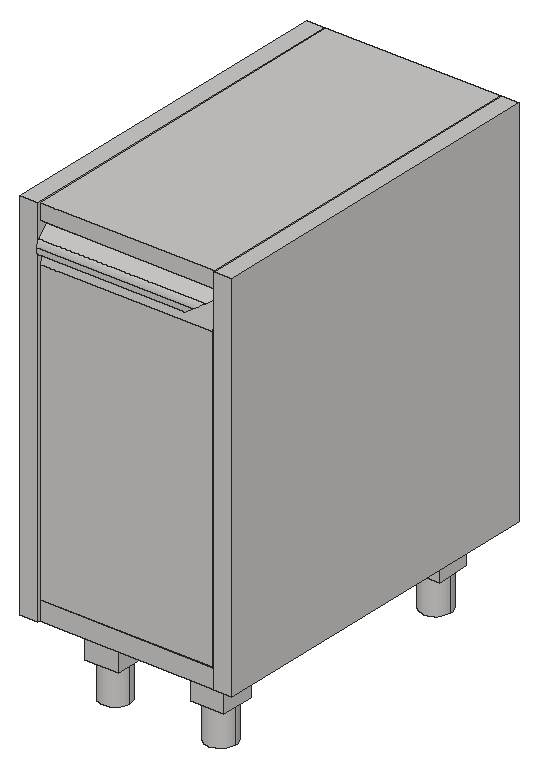
Revit family "QF_ELECTROLUXPROFESSIONAL_121818_TERP4DA", category Attrezzature speciali, Revit 2020
Family settings
  Quota connettore circolare = Usa diametro
  Tipo di parte = Normale
  Basato su piano di lavoro = No
  Sempre verticale = Sì
  Taglio con vuoti quando caricato = No
  Condiviso = No
  Punto di calcolo locali = No
Parameters (values of type "Standard")
  Weight = 9.00 kg
  Watts = 0 W
  Volts = 0 V
  URL Manufacturer = "https://www.electroluxprofessional.com/"
  URL = "https://www.electroluxprofessional.com/"
  Steam Supply Size = 0 mm
  Steam Supply Minimum Pressure = 0.0 Pa
  Steam Supply Maximum Pressure = 0.0 Pa
  Steam Consumption per Hour = 0
  Refrigeration Suction Line Size = 0.0 mm
  Refrigeration Liquid Line Size = 0.0 mm
  Refrigerant Compressor Remote = yes
  Prospetto di default = 0.0 mm
  Phase = 0
  Modello = "TERP4DA"
  Produttore = "Electrolux Professional"
  Length Actual = 400.0 mm  # constant formula
  Item Number = "121818"
  Hot Water Size = 0 mm
  Height Actual = 860.0 mm  # constant formula
  HP = "0 HP"
  Gas Size = 0 mm
  Gas KW = 0
  Gas Input Pressure = 0 W
  Direct Waste Size = 0 mm
  Descrizione = "AMBIENT UNIT PASS-THRU 1+1 DOOR 400MM"
  Depth Actual = 680.0 mm  # constant formula
  Cycle = 0 Hz
  Condensate Return Size = 0 mm
  Compressed Air Volume = 0.0 L/s
  Compressed Air Size = 0 mm
  Compressed Air Pressure = 0.0 Pa
  Cold Water Size = 0 mm
  Accessory = yes
Reference planes
  plane 1 "Center (Front/Back)": y = 0
  plane 2: z = 0
  plane 3 "Center (Left/Right)": x = -300
  plane 4 "LEFT": x = -500
  plane 5 "RIGHT": x = -100
  plane 6 "BACK": y = 340
  plane 7 "FRONT": y = -340
  plane 8 "Base": z = 860
  plane 9 "TOP": z = 900
  plane 10: x = -400
  plane 11: x = -200
  plane 12: y = 270
  plane 13: y = -240
  plane 14 "FEET": z = 150
  plane 15: x = -466
  plane 16: x = -134
  plane 17: y = -337
  plane 18: y = 297
  plane 19: y = -670
  plane 20: y = 337
Forms (mm)
  Extrusion 1, solid, material "QF_Finishes_Stainless Steel"
    sketch origin (0, 0, 150) x (-1, 0, 0) y (0, -1, 0)
      loop
        line (500, -340) -> (500, 340) -> (466, 340) -> (466, -340) -> (500, -340)
      loop
        line (134, -340) -> (134, 340) -> (100, 340) -> (100, -340) -> (134, -340)
    from 0 to 710
  Extrusion 2, solid, material "QF_Finishes_Stainless Steel"
    sketch origin (0, 0, 150) x (-1, 0, 0) y (0, -1, 0)
      loop
        line (466, 337) -> (134, 337) -> (134, -337) -> (466, -337) -> (466, 337)
    from 0 to 35
  Extrusion 3, solid, material "QF_Finishes_Stainless Steel"
    sketch origin (0, 0, 0) x (1, 0, 0) y (0, 1, 0)
      loop
        line (-466, 297) -> (-466, -297) -> (-134, -297) -> (-134, 297) -> (-466, 297)
    from 490 to 520
  Extrusion 4, solid, material "QF_Finishes_Stainless Steel"
    sketch origin (0, 0, 0) x (1, 0, 0) y (0, 1, 0)
      loop
        line (-466, -337) -> (-134, -337) -> (-134, 340) -> (-466, 340) -> (-466, -337)
    from 830 to 860
Lines and regions (mm)
  symbolic lines, style "SpecialityEquipmentHiddenLines"
    curve 1: line (-100, -340, 900) -> (-100, 340, 900)
    curve 2: line (-500, -344.5, 150) -> (-500, 340, 150)
    curve 3: line (-500, -340, 150) -> (-466, -340, 150)
    curve 4: line (-466, -340, 150) -> (-466, -337, 150)
    curve 5: line (-466, -337, 150) -> (-134, -337, 150)
    curve 6: line (-134, -337, 150) -> (-134, -340, 150)
    curve 7: line (-134, -340, 150) -> (-100, -340, 150)
    curve 8: line (-500, 340, 150) -> (-466, 340, 150)
    curve 9: line (-466, 340, 150) -> (-466, 337, 150)
    curve 10: line (-466, 337, 150) -> (-134, 337, 150)
    curve 11: line (-134, 337, 150) -> (-134, 340, 150)
    curve 12: line (-134, 340, 150) -> (-100, 340, 150)
Dimensions and locks
  plane 4 "LEFT" to plane 5 "RIGHT" = 400.0 mm
  equal spacing: plane 4 "LEFT", plane 3 "Center (Left/Right)", plane 5 "RIGHT"
  plane 6 "BACK" to plane 7 "FRONT" = 680.0 mm
  equal spacing: plane 6 "BACK", plane 1 "Center (Front/Back)", plane 7 "FRONT"
  locked: plane 14 "FEET" to level at 150
  locked: plane 4 "LEFT" to plane 10 at 100
  locked: plane 11 to plane 5 "RIGHT" at 100
  locked: plane 4 "LEFT" to plane 15 at 34
  locked: plane 16 to plane 5 "RIGHT" at 34
  plane 17 to plane 7 "FRONT" = 3.0 mm
  locked: plane 6 "BACK" to plane 12 at 70
  locked: plane 13 to plane 7 "FRONT" at 100
  locked: plane 8 "Base" to level at 860
  locked: plane 9 "TOP" to level at 900
  plane 6 "BACK" to plane 19 = 1010.0 mm
  plane 6 "BACK" to plane 20 = 3.0 mm
  plane 6 "BACK" to plane 18 = 43.0 mm
  aligned and locked: level to plane 2
  aligned and locked: plane 10 to nested 1
  aligned and locked: plane 11 to nested 2
  aligned and locked: plane 11 to nested 4
  aligned and locked: nested 4 to plane 12
  aligned and locked: plane 10 to nested 3
  aligned and locked: nested 3 to plane 12
  aligned and locked: plane 8 "Base" to Extrusion 1
  aligned and locked: plane 6 "BACK" to Extrusion 1 sketch curve
  aligned and locked: Extrusion 1 sketch curve to plane 6 "BACK"
  aligned and locked: plane 7 "FRONT" to Extrusion 1 sketch curve
  aligned and locked: Extrusion 1 sketch curve to plane 7 "FRONT"
  aligned and locked: plane 15 to Extrusion 1
  aligned and locked: Extrusion 1 to plane 16
  aligned and locked: Extrusion 2 to plane 15
  aligned and locked: plane 16 to Extrusion 2
  aligned and locked: plane 16 to Extrusion 3
  aligned and locked: Extrusion 3 to plane 15
  aligned and locked: plane 8 "Base" to Extrusion 4
  aligned and locked: Extrusion 2 to plane 17
  aligned and locked: Extrusion 3 to plane 18
  aligned and locked: Extrusion 4 to plane 17
  aligned and locked: plane 6 "BACK" to Extrusion 4
  aligned and locked: nested 1 to plane 13
  aligned and locked: nested 2 to plane 13
Automatic sketch dimensions
  curve 1 to plane 5 "RIGHT" = 0.0 mm
  curve 1 to plane 7 "FRONT" = 0.0 mm
  curve 1 to plane 6 "BACK" = 0.0 mm
  Extrusion 1 sketch curve to plane 5 "RIGHT" = 0.0 mm
  Extrusion 1 sketch curve to plane 16 = 0.0 mm
  Extrusion 1 sketch curve to plane 15 = 0.0 mm
  Extrusion 1 sketch curve to plane 4 "LEFT" = 0.0 mm
  Extrusion 2 sketch curve to plane 16 = 0.0 mm
  Extrusion 2 sketch curve to plane 15 = 0.0 mm
  plane 20 to Extrusion 2 sketch curve = 0.0 mm
  Extrusion 2 sketch curve to plane 17 = 0.0 mm
  curve 7 to plane 5 "RIGHT" = 0.0 mm
  curve 12 to plane 5 "RIGHT" = 0.0 mm
  curve 12 to plane 6 "BACK" = 0.0 mm
  curve 12 to plane 16 = 0.0 mm
  curve 7 to plane 7 "FRONT" = 0.0 mm
  curve 7 to plane 16 = 0.0 mm
  curve 5 to plane 15 = 0.0 mm
  curve 8 to plane 6 "BACK" = 0.0 mm
  curve 8 to plane 15 = 0.0 mm
  curve 2 to plane 4 "LEFT" = 0.0 mm
  plane 20 to curve 9 = 0.0 mm
  curve 4 to plane 17 = 0.0 mm
  curve 4 to plane 7 "FRONT" = 0.0 mm
  curve 3 to curve 2 = 4.5 mm
  Extrusion 3 sketch curve to plane 15 = 0.0 mm
  Extrusion 3 sketch curve to plane 16 = 0.0 mm
  plane 18 to Extrusion 3 sketch curve = 0.0 mm
  plane 17 to Extrusion 3 sketch curve = 40.0 mm
  Extrusion 4 sketch curve to plane 6 "BACK" = 0.0 mm
  Extrusion 4 sketch curve to plane 15 = 0.0 mm
  Extrusion 4 sketch curve to plane 16 = 0.0 mm
  Extrusion 4 sketch curve to plane 17 = 0.0 mm
Nested families
  nested 1: "FEET_L63-150" at (-400, -240, 0), type "FEET_L63-150"
  nested 2: "FEET_L63-150" at (-200, -240, 0), type "FEET_L63-150"
  nested 3: "FEET_L63-150" at (-400, 270, 0), type "FEET_L63-150"
  nested 4: "FEET_L63-150" at (-200, 270, 0), type "FEET_L63-150"
  nested 5: "H637_400_1DOOR" at (-336.152, -297, 148.687) x (1, 0, 0) z (0, -1, 0), type "H637_400_1DOOR"
    with Width 400.0 mm, Show Clearance yes
  nested 6: "H637_400_1DOOR" at (-264.068, 297, 148.687) x (-1, 0, 0) z (0, 1, 0), type "H637_400_1DOOR"
    with Width 400.0 mm, Show Clearance yes
Definition of nested family "FEET_L63-150"
  Parameters
    Default Elevation = 0.0 mm
    FEET = 150.0 mm
  Reference planes
    plane 1 "Center (Front/Back)": y = 0
    plane 2: z = 0
    plane 3 "Center (Left/Right)": x = 0
    plane 4: z = 150
  Forms (mm)
    Extrusion 1, solid
      sketch origin (0, 0, 0) x (1, 0, 0) y (0, 1, 0)
        loop
          circle (0, 0) r 28
      from 0 to 67
    Extrusion 2, solid
      sketch origin (0, 0, 0) x (1, 0, 0) y (0, 1, 0)
        loop
          line (31.561, 31.5) -> (-31.439, 31.5) -> (-31.439, -31.5) -> (31.561, -31.5) -> (31.561, 31.5)
      from 67 to 150 <- "FEET"
  Lines and regions (mm)
    symbolic lines
      curve 1: line (0, -1.503, 0) -> (0, 1.508, 0)
      curve 2: line (1.561, 0, 0) -> (-1.439, 0, 0)
  Dimensions and locks
    "FEET": plane 4 to plane 2
    aligned and locked: level to plane 2
  Automatic sketch dimensions
    plane 1 "Center (Front/Back)" to Extrusion 1 sketch curve = 0.0 mm
    Extrusion 1 sketch curve to plane 3 "Center (Left/Right)" = 0.0 mm
    plane 1 "Center (Front/Back)" to curve 2 = 0.0 mm
    curve 1 to plane 3 "Center (Left/Right)" = 0.0 mm
    curve 2 to plane 3 "Center (Left/Right)" = 1.439 mm
    plane 3 "Center (Left/Right)" to curve 2 = 1.561 mm
    plane 1 "Center (Front/Back)" to curve 1 = 1.503 mm
    curve 1 to plane 1 "Center (Front/Back)" = 1.508 mm
    Extrusion 2 sketch curve to plane 1 "Center (Front/Back)" = 31.5 mm
    Extrusion 2 sketch curve to plane 3 "Center (Left/Right)" = 31.439 mm
    plane 3 "Center (Left/Right)" to Extrusion 2 sketch curve = 31.561 mm
    plane 1 "Center (Front/Back)" to Extrusion 2 sketch curve = 31.5 mm
    radius of Extrusion 1 sketch curve = 28.0 mm
Definition of nested family "H637_400_1DOOR"
  Parameters
    Width [instance] = 400.0 mm
    Show Clearance [instance] = yes
    Model = "727995"
    Height = 710.0 mm
    Default Elevation = 0.0 mm
  Reference planes
    plane 1 "Center (Front/Back)": y = 0
    plane 2: z = 0
    plane 3 "Center (Left/Right)": x = 36.042
    plane 4 "panel": z = 25
    plane 5 "Left": x = -163.958
    plane 6 "Right": x = 236.042
    plane 7: y = 710
    plane 8: z = 45
    plane 9: x = 199.042
    plane 10: x = -126.958
    plane 11: y = 672
    plane 12: y = 38
    plane 13: z = 373
  Forms (mm)
    Extrusion 1, solid
      sketch origin (0, -919.2, 0) x (1, 0, 0) y (0, 1, 0)
        loop
          line (-980.5, 2119.2) -> (-980.5, -162.846) -> (881.94, -162.846) -> (881.94, 2119.2) -> (-980.5, 2119.2)
      from 0 to -59.546
    Extrusion 2, solid
      sketch origin (36.042, -219.693, 0) x (0, 1, 0) y (0, 0, 1)
        loop
          line (848.63, 49.734) -> (848.63, 47.734) -> (858.98, 47.734)
          arc (858.98, 47.734) -> (865.586, 46.42) -> (871.186, 42.679) r 17.261
          line (871.186, 42.679) -> (888.019, 25.845) -> (891.693, 25) -> (872.6, 44.093)
          arc (872.6, 44.093) -> (866.351, 48.268) -> (858.98, 49.734) r 19.261
          line (858.98, 49.734) -> (848.63, 49.734)
      from -163 to 163
    Extrusion 3, void
      sketch origin (0, -219.693, 25) x (1, 0, 0) y (0, 1, 0)
        loop
          line (204.066, 839.859) -> (204.066, 882.225) -> (199.042, 882.225)
          arc (199.042, 882.225) -> (198.688, 880.688) -> (197.873, 879.339) r 5
          line (197.873, 879.339) -> (155.197, 850.51)
          arc (155.197, 850.51) -> (152.266, 849.11) -> (149.054, 848.63) r 10.974
          line (149.054, 848.63) -> (-122.198, 848.63)
          arc (-122.198, 848.63) -> (-125.564, 850.024) -> (-126.958, 853.39) r 4.76
          line (-126.958, 853.39) -> (-126.958, 839.859) -> (204.066, 839.859)
      from 0 to 27.674
    Extrusion 4, solid
      sketch origin (36.042, -190, 0) x (0, 1, 0) y (0, 0, 1)
        loop
          line (228, 40) -> (228, 0) -> (862, 0) -> (862, 25) -> (796.797, 40) -> (228, 40)
      from 163 to -163
    Extrusion 5, solid, detail levels coarse
      sketch origin (0, 0, 0) x (1, 0, 0) y (0, 0, 1)
        loop
          line (-126.958, 40) -> (199.042, 40) -> (199.042, 373)
          arc (199.042, 373) -> (-27.65, 268.854) -> (-126.958, 40) r 349.118
      from -672 to -38
  Cuts and joins
    Extrusion 3 cuts Extrusion 2
  Lines and regions (mm)
    symbolic lines
      curve 1: arc (199.042, 0, 373) -> (-24.216, 0, 272.314) -> (-126.393, 0, 49.734) r 349.118
      curve 2: line (199.042, 0, 40) -> (199.042, 0, 373)
      curve 3: line (167.735, 0, 49.734) -> (-126.958, 0, 49.734)
      curve 4: spline (187.459, 0, 44.389) -> (185.921, 0, 45.265) -> (184.356, 0, 46.066) -> (182.765, 0, 46.791) -> (181.151, 0, 47.437) -> (179.517, 0, 48.005) -> (177.865, 0, 48.493) -> (176.198, 0, 48.9) -> (174.519, 0, 49.226) -> (172.831, 0, 49.471) -> (171.136, 0, 49.633) -> (169.436, 0, 49.712) -> (167.736, 0, 49.71)
      curve 5: line (193.956, 0, 40) -> (187.459, 0, 44.389)
      curve 6: line (-126.958, 0, 49.734) -> (-126.958, 0, 40)
  Dimensions and locks
    plane 4 "panel" to level = 25.0 mm
    "Width": plane 5 "Left" to plane 6 "Right"
    equal spacing: plane 5 "Left", plane 3 "Center (Left/Right)", plane 6 "Right"
    "Height": plane 1 "Center (Front/Back)" to plane 7
    plane 9 to plane 6 "Right" = 37.0 mm
    plane 5 "Left" to plane 10 = 37.0 mm
    plane 7 to plane 11 = 38.0 mm
    plane 1 "Center (Front/Back)" to plane 12 = 38.0 mm
    plane 10 to plane 9 = 326.0 mm
    aligned and locked: plane 2 to Extrusion 1
    aligned and locked: level to Extrusion 1
    aligned and locked: plane 10 to Extrusion 2
    aligned and locked: plane 9 to Extrusion 2
    aligned and locked: plane 10 to Extrusion 4
    aligned and locked: plane 9 to Extrusion 4
  Automatic sketch dimensions
    Extrusion 1 sketch curve to Extrusion 1 sketch curve = 1862.44 mm
    Extrusion 1 sketch curve to Extrusion 1 sketch curve = 2282.046 mm
    Extrusion 3 sketch curve to plane 10 = 0.0 mm
    Extrusion 3 sketch curve to plane 9 = 0.0 mm
    Extrusion 3 sketch curve to Extrusion 3 sketch curve = 4.76 mm
    Extrusion 3 sketch curve to plane 9 = 49.988 mm
    Extrusion 3 sketch curve to Extrusion 3 sketch curve = 6.143 mm
    Extrusion 3 sketch curve to plane 9 = 4.988 mm
    Extrusion 3 sketch curve to plane 9 = 1.169 mm
    Extrusion 3 sketch curve to plane 6 "Right" = 31.976 mm
    Extrusion 3 sketch curve to plane 7 = 89.834 mm
    Extrusion 3 sketch curve to Extrusion 3 sketch curve = 8.771 mm
    Extrusion 3 sketch curve to Extrusion 3 sketch curve = 1.88 mm
    Extrusion 3 sketch curve to Extrusion 3 sketch curve = 39.48 mm
    Extrusion 3 sketch curve to Extrusion 3 sketch curve = 2.886 mm
    Extrusion 4 sketch curve to level = 0.0 mm
    Extrusion 4 sketch curve to plane 12 = 0.0 mm
    Extrusion 4 sketch curve to plane 4 "panel" = 0.0 mm
    Extrusion 4 sketch curve to plane 11 = 0.0 mm
    Extrusion 4 sketch curve to plane 8 = 5.0 mm
    Extrusion 4 sketch curve to plane 11 = 65.203 mm
    plane 10 to Extrusion 5 sketch curve = 0.0 mm
    Extrusion 5 sketch curve to plane 9 = 0.0 mm
    Extrusion 5 sketch curve to plane 13 = 0.0 mm
    Extrusion 5 sketch curve to plane 4 "panel" = 0.374 mm
    Extrusion 5 sketch curve to Extrusion 5 sketch curve = 22.78 mm
    Extrusion 2 sketch curve to Extrusion 2 sketch curve = 0.0 mm  (x2)
    Extrusion 2 sketch curve to plane 4 "panel" = 0.0 mm
    Extrusion 2 sketch curve to plane 11 = 0.0 mm
    Extrusion 2 sketch curve to plane 8 = 0.907 mm
    Extrusion 2 sketch curve to plane 11 = 19.093 mm
    Extrusion 2 sketch curve to plane 8 = 2.321 mm
    Extrusion 2 sketch curve to Extrusion 2 sketch curve = 1.414 mm
    plane 4 "panel" to Extrusion 2 sketch curve = 5.474 mm
    Extrusion 2 sketch curve to Extrusion 2 sketch curve = 12.205 mm
    Extrusion 2 sketch curve to Extrusion 2 sketch curve = 10.351 mm
    plane 4 "panel" to Extrusion 2 sketch curve = 0.845 mm
    Extrusion 2 sketch curve to plane 11 = 3.674 mm
    plane 10 to curve 6 = 0.0 mm
    curve 2 to plane 9 = 0.0 mm
    curve 2 to plane 13 = 0.0 mm
    curve 5 to plane 8 = 0.611 mm
    curve 5 to plane 9 = 11.583 mm
    curve 1 to plane 4 "panel" = 0.374 mm
    curve 1 to plane 6 "Right" = 14.22 mm
    plane 8 to curve 3 = 4.734 mm
    curve 3 to curve 4 = 19.723 mm
    curve 3 to curve 4 = 0.0 mm
    curve 4 to curve 4 = 0.908 mm
    curve 5 to plane 9 = 5.086 mm
    curve 4 to level = 1.281 mm
    curve 2 to plane 8 = 5.0 mm
    curve 5 to plane 8 = 5.0 mm
    curve 6 to plane 8 = 5.0 mm
    curve 4 to curve 3 = 0.025 mm
